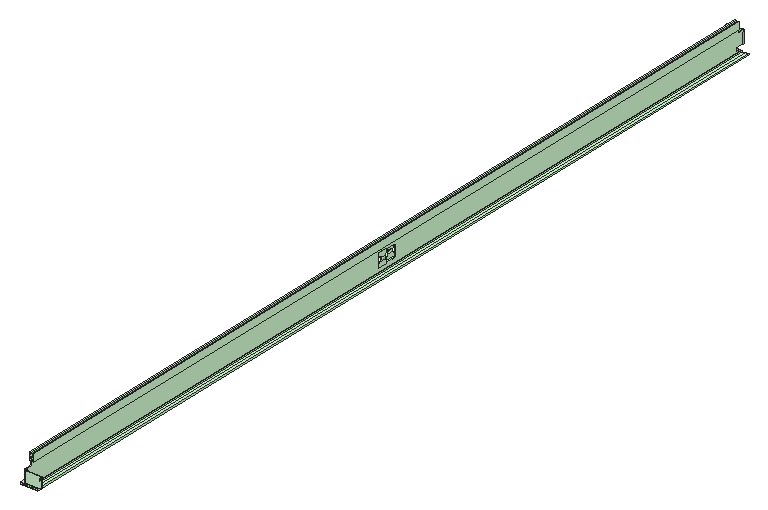
Revit family "eTバー4025メインクロス(640グリッド用)", category 機械設備, Revit 2020
Family settings
  丸型コネクタ寸法 = 直径を使用
  種別 = なし
  パーツ タイプ = 標準
  作業面ベース = いいえ
  常に垂直 = はい
  ロード時にボイドで切り取り = いいえ
  共有 = いいえ
  部屋計算ポイント = いいえ
Parameters
  製造元 = "株式会社桐井製作所"
  既定の高さ = 0 mm
  URL = "https://www.kirii.co.jp/"
  K_長さ(mm) = 1280 mm
  K_材質 = "溶融亜鉛めっき鋼板及び鋼帯SGCC 一般用　カラー鋼板"
  K_品名 = "eTバー4025メインクロス(640グリッド用)"
  K_名称 = "Tバー"
  K_入数 = "25"
  K_バージョン情報 = "20221915"
  K_めっき付着量 = "JIS G 3302 Z12、カラー鋼板　塗装膜厚20μ(白色)"
  K_JIS規格 = "JIS G 3302"
Reference planes
  plane 1 "中心(正面/背面)": y = 0
  plane 2: z = 0
  plane 3 "中心(左/右)": x = 0
  plane 4: y = 1280
Forms (mm)
  Extrusion 1, solid
    sketch origin (0, -1320, 7.1) x (-1, 0, 0) y (0, 0, 1)
      loop
        line (0.712, 26.458) -> (2.462, 24.9) -> (3.562, 24.9) -> (3.562, 34.9) -> (1.465, 34.9) -> (1.465, 33.4) -> (2.265, 33.4) -> (2.204, 29.141) -> (1.121, 28.059) -> (-0.855, 28) -> (-2.079, 29.141) -> (-2.14, 33.4) -> (-1.34, 33.4) -> (-1.34, 34.9) -> (-3.438, 34.9) -> (-3.438, 24.9) -> (-2.338, 24.9) -> (-0.588, 26.44) -> (-0.588, -5.1) -> (-2.425, -5.1) -> (-2.425, -4.3) -> (-3.438, -4.3) -> (-3.438, -5.9) -> (-8.437, -5.9) -> (-8.437, -5.1) -> (-12.438, -5.1) -> (-12.438, -7.1) -> (12.562, -7.1) -> (12.562, -5.1) -> (8.562, -5.1) -> (8.562, -5.9) -> (3.562, -5.9) -> (3.562, -4.3) -> (2.55, -4.3) -> (2.55, -5.1) -> (0.712, -5.1) -> (0.712, 26.458)
    from 1320 to 2600
  Extrusion 2, void
    sketch origin (0, 0, 0) x (0, 1, 0) y (0, 0, 1)
      loop
        line (5, 41.941) -> (0, 41.941) -> (0, 25.9) -> (5, 25.9) -> (5, 41.941)
    from -3.77 to 3.77
  Extrusion 3, solid
    sketch origin (-0.114, 0, 16.166) x (1, 0, 0) y (0, 1, 0)
      loop
        line (24.214, -7.2) -> (24.214, -6.4) -> (1.902, -6.4)
        arc (1.902, -6.4) -> (1.053, -6.049) -> (0.702, -5.2) r 1.2
        line (0.702, -5.2) -> (0.702, 0) -> (-0.598, 0) -> (-0.598, -5.2)
        arc (-0.598, -5.2) -> (-0.012, -6.614) -> (1.402, -7.2) r 2
        line (1.402, -7.2) -> (24.214, -7.2)
    from -8.266 to 9.734
  Extrusion 4, void
    sketch origin (0, 0, -7.234) x (1, 0, 0) y (0, 0, 1)
      loop
        line (2.6, 31.999) -> (23.1, 31.999)
        arc (23.1, 31.999) -> (23.807, 31.706) -> (24.1, 30.999) r 1
        line (24.1, 30.999) -> (24.1, 33.134) -> (2.6, 33.134) -> (2.6, 31.999)
    from 6.4 to 7.2
  Extrusion 5, void
    sketch origin (0, 0, -7.234) x (1, 0, 0) y (0, 0, 1)
      loop
        line (24.1, 26.599) -> (24.1, 28.599) -> (21.1, 28.599) -> (21.1, 26.599) -> (24.1, 26.599)
    from 6.4 to 7.2
  Extrusion 6, void
    sketch origin (0, 0, 0) x (0, 1, 0) y (0, 0, 1)
      loop
        line (6.9, 7.833) -> (0, 7.833) -> (0, 2.8) -> (6.9, 2.8) -> (6.9, 7.833)
    from -0.713 to 0.587
  Extrusion 7, void
    sketch origin (0, -13.6, -8.031) x (1, 0, 0) y (0, 0, -1)
      loop
        line (24.1, -15.931) -> (2.6, -15.931) -> (2.6, -16.999) -> (22.1, -16.999)
        arc (22.1, -16.999) -> (23.231, -17.237) -> (24.1, -17.999) r 2.28
        line (24.1, -17.999) -> (24.1, -15.931)
    from 6.4 to 7.2
  Extrusion 8, void
    sketch origin (0.4, 343.6, 31.85) x (0, 0, 1) y (0, 1, 0)
      loop
        line (-5.5, 284.4) -> (-5.5, 315.6) -> (-23.1, 315.6) -> (-23.1, 284.4) -> (-5.5, 284.4)
    from -0.188 to 1.112
  Extrusion 9, void
    sketch origin (0, 1280, 0) x (0, -1, 0) y (0, 0, -1)
      loop
        line (5, -41.941) -> (5, -25.737) -> (0, -25.737) -> (0, -41.941) -> (5, -41.941)
    from -3.77 to 3.77
  Extrusion 10, void
    sketch origin (0, 1280, 0) x (0, -1, 0) y (0, 0, -1)
      loop
        line (6.9, -7.833) -> (6.9, -2.8) -> (0, -2.8) -> (0, -7.833) -> (6.9, -7.833)
    from -0.712 to 0.588
  Extrusion 11, solid
    sketch origin (0.114, 1280, 16.166) x (-1, 0, 0) y (0, -1, 0)
      loop
        line (24.214, -7.2) -> (24.214, -5.9) -> (1.527, -5.9)
        arc (1.527, -5.9) -> (1.032, -5.695) -> (0.827, -5.2) r 0.7
        line (0.827, -5.2) -> (0.827, 0) -> (-0.473, 0) -> (-0.473, -5.2)
        arc (-0.473, -5.2) -> (0.113, -6.614) -> (1.527, -7.2) r 2
        line (1.527, -7.2) -> (24.214, -7.2)
    from -8.266 to 9.571
  Extrusion 12, void
    sketch origin (0, 1280, -7.234) x (-1, 0, 0) y (0, 0, 1)
      loop
        line (24.1, 26.599) -> (24.1, 28.599) -> (21.1, 28.599) -> (21.1, 26.599) -> (24.1, 26.599)
    from 5.9 to 7.2
  Extrusion 13, void
    sketch origin (0, 1280, -8.099) x (-1, 0, 0) y (0, 0, 1)
      loop
        line (24.1, 15.931) -> (24.1, 17.999)
        arc (24.1, 17.999) -> (23.231, 17.237) -> (22.1, 16.999) r 2.28
        line (22.1, 16.999) -> (2.6, 16.999) -> (2.6, 15.931) -> (24.1, 15.931)
    from 5.9 to 7.2
  Extrusion 14, void
    sketch origin (0, 1293.6, -7.396) x (-1, 0, 0) y (0, 0, -1)
      loop
        line (2.6, -31.999) -> (2.6, -33.134) -> (24.1, -33.134) -> (24.1, -30.999)
        arc (24.1, -30.999) -> (23.807, -31.706) -> (23.1, -31.999) r 1
        line (23.1, -31.999) -> (2.6, -31.999)
    from 6.4 to 7.7
  Extrusion 15, void
    sketch origin (0.4, 361.792, 32.162) x (0, 0, 1) y (0, 1, 0)
      loop
        line (-19.9, 284.4) -> (-8.7, 284.4)
        arc (-8.7, 284.4) -> (-14.3, 287.9) -> (-19.9, 284.4) r 6.23
      loop
        line (-8.7, 297.4) -> (-19.9, 297.4)
        arc (-19.9, 297.4) -> (-14.3, 293.9) -> (-8.7, 297.4) r 6.23
    from 1.2 to 3.447
  Extrusion 16, solid
    sketch origin (0.081, 361.8, -6.51) x (1, 0, 0) y (0, 0, 1)
      loop
        line (-0.387, 33.66) -> (-2.087, 33.66) -> (-2.087, 26.56)
        arc (-2.087, 26.56) -> (-3.087, 24.26) -> (-2.088, 21.96) r 3.145
        line (-2.088, 21.96) -> (-2.087, 14.46) -> (-0.387, 14.46) -> (-0.387, 15.26) -> (-1.487, 15.26) -> (-1.487, 22.238)
        arc (-1.487, 22.238) -> (-2.487, 24.267) -> (-1.476, 26.291) r 2.545
        line (-1.476, 26.291) -> (-1.476, 32.86) -> (-0.387, 32.86) -> (-0.387, 33.66)
    from -297.4 to -284.4
  Extrusion 17, solid
    sketch origin (-0.081, 343.6, -6.51) x (-1, 0, 0) y (0, 0, -1)
      loop
        line (-0.387, -33.66) -> (-0.387, -32.86) -> (-1.476, -32.86) -> (-1.476, -26.291)
        arc (-1.476, -26.291) -> (-2.487, -24.267) -> (-1.487, -22.238) r 2.545
        line (-1.487, -22.238) -> (-1.487, -15.26) -> (-0.387, -15.26) -> (-0.387, -14.46) -> (-2.087, -14.46) -> (-2.088, -21.96)
        arc (-2.088, -21.96) -> (-3.087, -24.26) -> (-2.087, -26.56) r 3.145
        line (-2.087, -26.56) -> (-2.087, -33.66) -> (-0.387, -33.66)
    from -297.4 to -284.4
  Extrusion 18, void
    sketch origin (-0.4, 343.592, 32.163) x (0, 0, 1) y (0, -1, 0)
      loop
        arc (-19.9, -284.4) -> (-14.3, -287.9) -> (-8.7, -284.4) r 6.23
        line (-8.7, -284.4) -> (-19.9, -284.4)
      loop
        arc (-8.7, -297.4) -> (-14.3, -293.9) -> (-19.9, -297.4) r 6.23
        line (-19.9, -297.4) -> (-8.7, -297.4)
    from 1.2 to 3.447
Cuts and joins
  Extrusion 2, Extrusion 6, Extrusion 7, Extrusion 8, Extrusion 9, Extrusion 10 cuts Extrusion 1
  Extrusion 4, Extrusion 5, Extrusion 7, Extrusion 8 cuts Extrusion 3
  Extrusion 12, Extrusion 13, Extrusion 14 cuts Extrusion 11
  Extrusion 15 cuts Extrusion 16
  Extrusion 18 cuts Extrusion 17
  joined: Extrusion 1, Extrusion 3, Extrusion 11, Extrusion 16, Extrusion 17
Dimensions and locks
  plane 4 to plane 1 "中心(正面/背面)" = 1280 mm
  aligned and locked: level to plane 2
  aligned and locked: plane 4 to Extrusion 1
